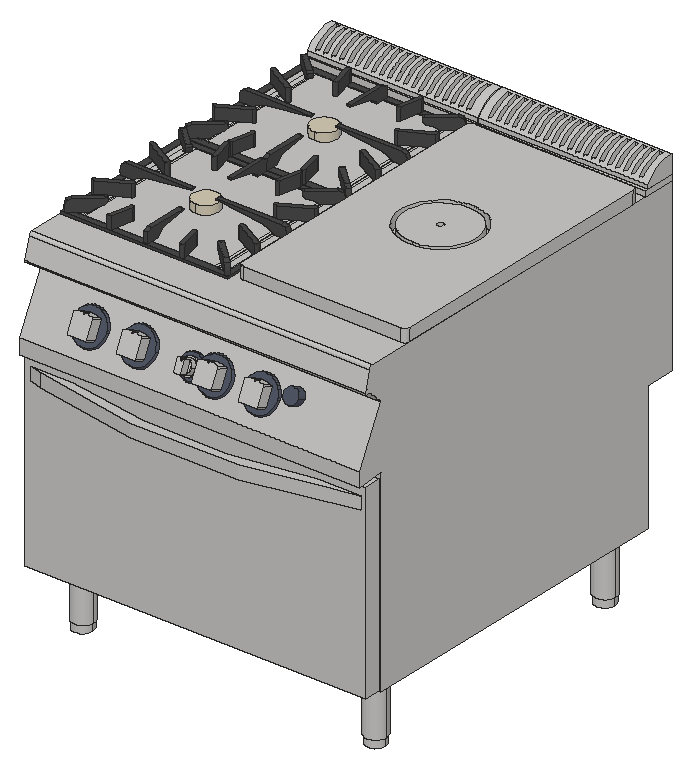
Revit family "QF_ZANUSSI_392020_Z9STGH30G0", category Specialty Equipment, Revit 2018 (continued)
Definition of nested family "QF_392020_BURNER"
  Automatic sketch dimensions
    Extrusion 6 sketch curve to Extrusion 6 sketch curve = 2.692 mm  (x2)
    Extrusion 6 sketch curve to Extrusion 6 sketch curve = 10.213 mm  (x2)
    plane 10 to Extrusion 6 sketch curve = 12.281 mm
    Extrusion 6 sketch curve to Extrusion 6 sketch curve = 29.348 mm  (x2)
    Extrusion 6 sketch curve to Extrusion 6 sketch curve = 3.155 mm  (x2)
    Extrusion 6 sketch curve to Extrusion 6 sketch curve = 22.572 mm
    Extrusion 6 sketch curve to Extrusion 6 sketch curve = 8.81 mm
    Extrusion 6 sketch curve to Extrusion 6 sketch curve = 9.845 mm  (x2)
    Extrusion 6 sketch curve to Extrusion 6 sketch curve = 3.99 mm  (x2)
    Extrusion 6 sketch curve to Extrusion 6 sketch curve = 0 mm  (x2)
    Extrusion 6 sketch curve to Extrusion 6 sketch curve = 49.533 mm
    Extrusion 6 sketch curve to plane 10 = 64.377 mm
    Extrusion 6 sketch curve to Extrusion 6 sketch curve = 326.397 mm
    Extrusion 6 sketch curve to plane 6 "TOP" = 28.141 mm
    Extrusion 6 sketch curve to Extrusion 6 sketch curve = 16.281 mm
    Extrusion 6 sketch curve to Extrusion 6 sketch curve = 1.035 mm
    Extrusion 6 sketch curve to Extrusion 6 sketch curve = 19.417 mm
    Extrusion 6 sketch curve to Extrusion 6 sketch curve = 4.763 mm  (x2)
    Extrusion 6 sketch curve to Extrusion 6 sketch curve = 3.716 mm
    plane 10 to Extrusion 7 sketch curve = 5 mm  (x2)
    Extrusion 7 sketch curve to Extrusion 7 sketch curve = 2.692 mm  (x2)
    Extrusion 7 sketch curve to Extrusion 7 sketch curve = 10.213 mm  (x2)
    plane 10 to Extrusion 7 sketch curve = 12.281 mm
    Extrusion 7 sketch curve to Extrusion 7 sketch curve = 29.348 mm  (x2)
    Extrusion 7 sketch curve to Extrusion 7 sketch curve = 3.155 mm  (x2)
    Extrusion 7 sketch curve to Extrusion 7 sketch curve = 22.572 mm
    Extrusion 7 sketch curve to Extrusion 7 sketch curve = 8.81 mm
    Extrusion 7 sketch curve to Extrusion 7 sketch curve = 9.845 mm  (x2)
    Extrusion 7 sketch curve to Extrusion 7 sketch curve = 3.99 mm  (x2)
    Extrusion 7 sketch curve to Extrusion 7 sketch curve = 0 mm  (x2)
    Extrusion 7 sketch curve to Extrusion 7 sketch curve = 21.306 mm
    Extrusion 7 sketch curve to plane 10 = 64.377 mm  (x2)
    Extrusion 7 sketch curve to Extrusion 7 sketch curve = 326.397 mm
    Extrusion 7 sketch curve to plane 6 "TOP" = 28.141 mm
    Extrusion 7 sketch curve to Extrusion 7 sketch curve = 16.281 mm
    Extrusion 7 sketch curve to Extrusion 7 sketch curve = 1.035 mm
    Extrusion 7 sketch curve to Extrusion 7 sketch curve = 19.417 mm
    Extrusion 7 sketch curve to Extrusion 7 sketch curve = 7.281 mm
    Extrusion 7 sketch curve to Extrusion 7 sketch curve = 10.713 mm
    curve 58 to curve 12 = 72.824 mm
    curve 30 to curve 30 = 73.227 mm
    curve 58 to curve 5 = 10.263 mm
    curve 5 to curve 58 = 0 mm
    curve 59 to curve 30 = 10.263 mm
    curve 30 to curve 8 = 9.4 mm
    curve 31 to curve 32 = 0 mm
    curve 33 to curve 38 = 0 mm  (x2)
    curve 33 to curve 39 = 0 mm  (x2)
    curve 33 to curve 40 = 0 mm  (x2)
    plane 1 "BACK" to curve 41 = 0 mm
    curve 41 to plane 3 "LEFT" = 0 mm
    curve 31 to plane 7 "Center Y" = 0 mm
    curve 33 to plane 7 "Center Y" = 0 mm
    curve 41 to plane 4 "RIGHT" = 0 mm
    plane 3 "LEFT" to curve 76 = 1.326 mm
    plane 3 "LEFT" to curve 64 = 1.326 mm
    plane 3 "LEFT" to curve 44 = 2.995 mm
    plane 3 "LEFT" to curve 46 = 2.995 mm
    curve 43 to curve 43 = 2.408 mm
    curve 46 to curve 47 = 2.408 mm
    curve 47 to curve 47 = 2.408 mm
    curve 43 to curve 42 = 2.408 mm
    curve 76 to plane 5 "FRONT" = 0.514 mm
    plane 3 "LEFT" to curve 76 = 8.029 mm
    plane 1 "BACK" to curve 62 = 0.514 mm
    plane 3 "LEFT" to curve 62 = 8.029 mm
    curve 48 to curve 75 = 50.941 mm
    curve 43 to curve 63 = 50.941 mm
    curve 75 to curve 75 = 3.351 mm
    curve 63 to curve 63 = 3.351 mm
    plane 1 "BACK" to curve 62 = 52.383 mm
    curve 63 to curve 62 = 3.351 mm
    curve 74 to plane 5 "FRONT" = 52.383 mm
    curve 75 to curve 74 = 3.351 mm
    plane 3 "LEFT" to curve 46 = 65.629 mm
    plane 3 "LEFT" to curve 44 = 65.629 mm
    curve 45 to curve 45 = 2.408 mm
    curve 46 to curve 49 = 2.408 mm
    curve 49 to curve 48 = 2.408 mm
    curve 45 to curve 42 = 2.408 mm
    curve 38 to plane 8 "Center X" = 2.597 mm
    curve 38 to plane 7 "Center Y" = 51.172 mm
    curve 33 to plane 8 "Center X" = 2.597 mm
    curve 38 to curve 33 = 12.999 mm
    curve 33 to plane 7 "Center Y" = 5 mm
    curve 38 to plane 7 "Center Y" = 5 mm
    curve 31 to curve 33 = 0 mm
    plane 7 "Center Y" to curve 32 = 5 mm
    plane 7 "Center Y" to curve 40 = 5 mm
    curve 39 to curve 32 = 0 mm
    curve 39 to plane 8 "Center X" = 2.597 mm
    plane 7 "Center Y" to curve 39 = 38.172 mm
    curve 40 to plane 8 "Center X" = 2.704 mm
    curve 39 to curve 40 = 12.979 mm
    curve 50 to plane 4 "RIGHT" = 70.445 mm
    curve 57 to plane 4 "RIGHT" = 70.445 mm
    curve 50 to curve 53 = 2.408 mm
    curve 57 to curve 57 = 2.408 mm  (x2)
    curve 53 to curve 53 = 2.408 mm
    curve 71 to curve 71 = 3.351 mm
    curve 67 to curve 67 = 3.351 mm
    curve 71 to curve 69 = 3.351 mm
    curve 67 to curve 65 = 3.351 mm
    curve 60 to plane 4 "RIGHT" = 15 mm
    curve 72 to plane 5 "FRONT" = 0.514 mm
    curve 72 to plane 4 "RIGHT" = 8.029 mm
    plane 1 "BACK" to curve 68 = 0.514 mm
    curve 68 to plane 4 "RIGHT" = 8.029 mm
    curve 50 to plane 4 "RIGHT" = 7.81 mm
    curve 55 to plane 4 "RIGHT" = 7.81 mm
    curve 55 to curve 55 = 2.408 mm
    curve 50 to curve 51 = 2.408 mm
    curve 55 to plane 4 "RIGHT" = 2.995 mm
    curve 51 to plane 4 "RIGHT" = 2.995 mm
    curve 69 to plane 4 "RIGHT" = 1.326 mm
    curve 65 to plane 4 "RIGHT" = 1.326 mm
    curve 72 to plane 5 "FRONT" = 7.935 mm
    curve 60 to plane 5 "FRONT" = 20.286 mm
    curve 71 to curve 56 = 27.93 mm
    curve 73 to curve 48 = 27.93 mm
    curve 47 to curve 47 = 4.382 mm
    curve 55 to curve 55 = 4.382 mm
    curve 56 to plane 8 "Center X" = 55.651 mm
    curve 48 to plane 8 "Center X" = 55.651 mm
    curve 57 to curve 57 = 4.382 mm
    curve 49 to curve 49 = 4.382 mm
    curve 40 to plane 8 "Center X" = 44.773 mm
    curve 39 to curve 32 = 4.818 mm
    plane 8 "Center X" to curve 31 = 2.403 mm
    plane 8 "Center X" to curve 45 = 46.886 mm
    plane 8 "Center X" to curve 52 = 46.886 mm
    curve 53 to curve 53 = 4.382 mm
    curve 45 to curve 45 = 4.382 mm
    curve 53 to curve 52 = 34.416 mm
    curve 44 to curve 61 = 36.694 mm
    curve 43 to curve 43 = 4.382 mm
    curve 51 to curve 51 = 4.382 mm
    curve 51 to curve 65 = 27.93 mm
    plane 1 "BACK" to curve 83 = 20.286 mm
    plane 1 "BACK" to curve 88 = 15 mm
    plane 1 "BACK" to curve 77 = 15 mm
    curve 77 to curve 83 = 30.799 mm
    curve 78 to plane 5 "FRONT" = 15 mm
    curve 80 to curve 71 = 7.989 mm
    curve 78 to curve 60 = 30.799 mm
    curve 78 to curve 80 = 13.475 mm
    curve 55 to curve 79 = 10.979 mm
    curve 82 to curve 57 = 6.514 mm
    curve 80 to curve 78 = 0 mm
    curve 80 to curve 82 = 11.41 mm
    curve 77 to curve 66 = 37.77 mm
    curve 60 to curve 79 = 11.41 mm
    plane 8 "Center X" to curve 81 = 7.403 mm
    plane 8 "Center X" to curve 84 = 7.403 mm
    curve 82 to plane 8 "Center X" = 2.597 mm
    curve 82 to curve 84 = 0 mm
    curve 79 to plane 8 "Center X" = 2.597 mm
    curve 79 to curve 81 = 0 mm
    curve 81 to curve 51 = 10.979 mm
    curve 53 to curve 85 = 17.924 mm
    curve 84 to curve 81 = 30.799 mm
    curve 84 to curve 85 = 11.41 mm
    curve 52 to curve 84 = 19.83 mm
    curve 81 to curve 83 = 11.41 mm
    curve 67 to curve 85 = 7.989 mm
    curve 85 to curve 77 = 0 mm
    curve 85 to curve 77 = 13.475 mm
    curve 86 to curve 37 = 26.152 mm
    curve 4 to curve 86 = 10.263 mm
    curve 86 to curve 4 = 0 mm
    curve 36 to curve 21 = 26.152 mm
    curve 88 to curve 88 = 25 mm
    plane 8 "Center X" to curve 89 = 69.193 mm
    curve 43 to curve 90 = 9.597 mm
    curve 43 to curve 90 = 0.432 mm
    plane 1 "BACK" to curve 90 = 20.286 mm
    curve 93 to plane 8 "Center X" = 2.597 mm
    plane 8 "Center X" to curve 91 = 7.403 mm
    curve 95 to plane 8 "Center X" = 69.193 mm
    curve 93 to curve 94 = 28.333 mm
    curve 95 to curve 12 = 33.104 mm
    curve 21 to curve 87 = 10.263 mm
    curve 87 to curve 21 = 0 mm
    curve 91 to curve 90 = 11.41 mm
    curve 89 to curve 87 = 21.732 mm
    curve 89 to curve 92 = 11.41 mm
    curve 92 to curve 89 = 0 mm
    plane 8 "Center X" to curve 92 = 7.403 mm
    curve 91 to curve 90 = 0 mm
    curve 93 to curve 95 = 0 mm
    curve 93 to curve 95 = 11.41 mm
    curve 11 to curve 94 = 0 mm
    curve 11 to curve 94 = 11.41 mm
    curve 95 to curve 11 = 30.799 mm
    curve 95 to curve 12 = 13.475 mm
    plane 3 "LEFT" to curve 95 = 45.799 mm
    curve 95 to curve 5 = 33.104 mm
    Extrusion 8 sketch curve to Extrusion 3 = 5.275 mm  (x2)
    Extrusion 8 sketch curve to Extrusion 8 sketch curve = 1.125 mm  (x16)
    Extrusion 3 to Extrusion 8 sketch curve = 38.711 mm  (x2)
    Extrusion 8 sketch curve to Extrusion 3 = 7.19 mm  (x3)
    Extrusion 3 to Extrusion 8 sketch curve = 72.734 mm  (x2)
    Extrusion 8 sketch curve to Extrusion 8 sketch curve = 4.382 mm  (x16)
    Extrusion 8 sketch curve to Extrusion 3 = 2.995 mm  (x4)
    Extrusion 8 sketch curve to Extrusion 8 sketch curve = 34.416 mm  (x4)
    Extrusion 3 to Extrusion 8 sketch curve = 50.629 mm  (x3)
    Extrusion 8 sketch curve to Extrusion 8 sketch curve = 93.773 mm  (x2)
    Extrusion 3 to Extrusion 8 sketch curve = 40.96 mm  (x2)
    Extrusion 8 sketch curve to Extrusion 3 = 7.476 mm  (x2)
    Extrusion 8 sketch curve to Extrusion 8 sketch curve = 2.408 mm  (x4)
    Extrusion 3 to Extrusion 8 sketch curve = 91.634 mm  (x2)
    Extrusion 8 sketch curve to Extrusion 8 sketch curve = 4.872 mm  (x8)
    Extrusion 8 sketch curve to Extrusion 8 sketch curve = 11.182 mm  (x4)
    Extrusion 3 to Extrusion 8 sketch curve = 112.56 mm
    Extrusion 8 sketch curve to Extrusion 8 sketch curve = 61.931 mm
    Extrusion 3 to Extrusion 8 sketch curve = 55.445 mm
    Extrusion 8 sketch curve to Extrusion 8 sketch curve = 4.816 mm
    curve 67 to curve 85 = 19.656 mm
    curve 71 to curve 80 = 19.656 mm
    curve 99 to plane 5 "FRONT" = 7.524 mm
    curve 74 to curve 99 = 41.179 mm
    curve 98 to curve 99 = 4.872 mm
    curve 96 to plane 5 "FRONT" = 5.275 mm
    curve 99 to curve 96 = 4.872 mm
    curve 99 to curve 98 = 11.182 mm
    curve 98 to curve 97 = 4.872 mm
    curve 96 to plane 5 "FRONT" = 53.711 mm
    curve 97 to curve 96 = 4.872 mm
    curve 97 to curve 97 = 1.125 mm
    curve 103 to curve 70 = 62.105 mm
    curve 103 to curve 103 = 4.872 mm  (x2)
    curve 100 to plane 5 "FRONT" = 5.275 mm
    curve 100 to curve 100 = 11.182 mm
    curve 101 to curve 101 = 4.872 mm
    curve 102 to plane 5 "FRONT" = 7.524 mm
    curve 101 to curve 102 = 4.872 mm
    curve 100 to curve 100 = 48.436 mm
    curve 103 to curve 103 = 1.125 mm
    curve 106 to curve 67 = 62.105 mm
    curve 107 to curve 107 = 4.872 mm
    plane 1 "BACK" to curve 104 = 55.96 mm
    curve 107 to curve 104 = 4.872 mm
    plane 1 "BACK" to curve 105 = 5.275 mm
    curve 107 to curve 105 = 11.182 mm
    curve 105 to curve 105 = 4.872 mm  (x2)
    curve 107 to curve 107 = 1.125 mm
    plane 1 "BACK" to curve 104 = 7.524 mm
    plane 1 "BACK" to curve 109 = 7.524 mm
    curve 62 to curve 109 = 41.179 mm
    curve 109 to curve 109 = 4.872 mm
    plane 1 "BACK" to curve 108 = 5.275 mm
    curve 109 to curve 108 = 4.872 mm
    curve 110 to curve 111 = 11.182 mm
    curve 110 to curve 111 = 4.872 mm
    plane 1 "BACK" to curve 108 = 53.711 mm
    curve 111 to curve 108 = 4.872 mm
    curve 111 to curve 108 = 2.25 mm
    radius of Extrusion 4 sketch curve = 30 mm
